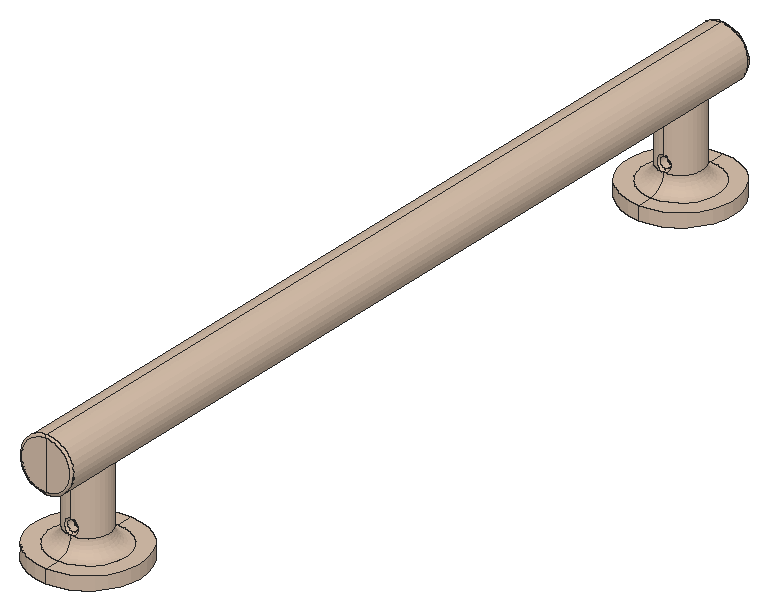
Revit family "Accessory-Shower_Door_Handle-KOHLER-Purist-K-705767", category Specialty Equipment, host Face, Revit 2017
Family settings
  Host = Face
  Round Connector Dimension = Use Diameter
  Part Type = Normal
  OmniClass Number = 23.31.25.00
  OmniClass Title = Toilet and Bath Specialties
  Cut with Voids When Loaded = No
  Shared = No
  Room Calculation Point = No
Parameters (values of type "ABV-Anodized Brushed Bronze")
  Width = 2"  # constant formula
  WaterSense Certified = 1 = 0  # no
  URL = "https://www.us.kohler.com/us/"
  Type = 1
  Product Page URL = "https://www.us.kohler.com/us/Purist-14-pivot-handle/productDetail/shower-door-handles/425723.htm?skuId=395876&brandId=empty&fs=true&=undefined"
  Product Name = "Purist\r\n"  # constant formula
  Product Documentation Link = "https://www.us.kohler.com/webassets/kpna/catalog/pdf/en/K-705767_spec_US-CA_Kohler_en.pdf"
  Model = if(Type = 1, "K-705767-ABV", if(Type = 2, "K-705767-NX", if(Type = 3, "K-705767-SHP", "NA")))  # "K-705767-ABV"
  Material = "Brass Construction"  # constant formula
  Master Format 2014 Name = "Toilet, Bath, and Laundry Accessories"  # constant formula
  Master Format 2014 = "10 28 00"  # constant formula
  Manufacturer Address = "KOHLER Co. 444 Highland Dr. Kohler, WI 53044"  # constant formula
  Manufacturer = "KOHLER Co."  # constant formula
  Length = 2 65/128"  # constant formula
  Height = 16"  # constant formula
  Finish = Kohler-Metal-ABV-Anodized_Brushed_Bronze
  Environmental Product Declaration = ""
  Description = "14 Inch pivote handle"  # constant formula
  Default Elevation = 42"
  Declare Label = ""
  Date Modified = "04/27/2021"  # constant formula
  Date Created = "04/27/2021"  # constant formula
  Copyright = "Copyright KOHLER Co."  # constant formula
  Contact Us = "https://www.us.kohler.com/us/static/contact.jsp"
  Assembly Code = "C1030200"
  ADA Compliant = 1 = 0  # no
Types (4): name | Type | Model | Finish
  (no name) | 1 | "K-705767-ABV" | Kohler-Metal-ABV-Anodized_Brushed_Bronze
  ABV-Anodized Brushed Bronze | 1 | "K-705767-ABV" | Kohler-Metal-ABV-Anodized_Brushed_Bronze
  NX-Brushed Nickel | 2 | "K-705767-NX" | Kohler-Metal-NX-Brushed_Nickel
  SHP-Bright Polished Silver | 3 | "K-705767-SHP" | Kohler-Metal-SHP-Bright_Polished_Silver
Reference planes (in)
  plane 1 "Center (Front/Back)": y = 0
  plane 2: z = 0
  plane 3 "Center (Left/Right)": x = 0
  plane 4: y = 8
  plane 5: x = 1
  plane 6: x = -1
  plane 7: y = 6
  plane 8: x = 0.50048
  plane 9: x = -0.50048
  plane 10: y = 7
  plane 11: y = -8
  plane 12: y = -6
  plane 13: y = -7
  plane 14: z = 2.50781
  plane 15: z = 1.49962
Dimensions and locks (in)
  "Length": plane 14 to level
  plane 10 to plane 13 = 14"  (x2)
  plane 12 to plane 11 = 2"
  "Width": plane 6 to plane 5
  "Height": plane 11 to plane 4
  level to plane 14 = 2 65/128"
  aligned and locked: plane 2 to host face
  aligned and locked: level to host face
Automatic sketch dimensions
  host sketch curve to host sketch curve = 96"  (x2)
Nested families (in)
  nested 1: "K-705767" at (0, 0, 0), type "K-705767"
Definition of nested family "K-705767"
  Parameters (values of type "K-705767")
    Material = none
  Reference planes (in)
    plane 1 "Center (Front/Back)": y = 0
    plane 2: z = 0
    plane 3 "Center (Left/Right)": x = 0
    plane 4: z = 2.5
    plane 5: y = -7
    plane 6: y = 7
    plane 7: y = -6
    plane 8: y = -8
    plane 9: y = 6
    plane 10: y = 8
    plane 11: z = 1.49962
    plane 12: x = 1
    plane 13: x = -1
  Forms (in)
    Revolve 1, solid, material <- "Material", detail levels medium+fine
      sketch origin (0, 0, 0) x (0, 1, 0) y (0, 0, 1)
        loop
          line (7.96063, 2.5) -> (-7.96063, 2.5)
          arc (-7.96063, 2.5) -> (-7.98847, 2.48847) -> (-8, 2.46063) r 0.03937
          line (-8, 2.46063) -> (-8, 2) -> (8, 2) -> (8, 2.46063)
          arc (8, 2.46063) -> (7.98847, 2.48847) -> (7.96063, 2.5) r 0.03937
        axis (8, 2) -> (-8, 2)
      angle from 0 to 360
    Revolve 2, solid, material <- "Material", detail levels medium+fine
      sketch origin (0, 0, 0) x (0, 1, 0) y (0, 0, 1)
        loop
          line (7.19685, 0) -> (8, 0) -> (8, 0.25) -> (7.70012, 0.25)
          arc (7.70012, 0.25) -> (7.4877, 0.33799) -> (7.39971, 0.55041) r 0.30041
          line (7.39971, 0.55041) -> (7.39971, 1.7837) -> (7, 1.7837) -> (7, 1.5436)
          arc (7, 1.5436) -> (7.0705, 1.53721) -> (7.13869, 1.51822) r 0.39161
          line (7.13869, 1.51822) -> (7.13869, 1.39) -> (7.19685, 1.39) -> (7.19685, 0)
        axis (7, 1.7837) -> (7, 0)
      angle from 0 to 360
    Revolve 3, solid, material <- "Material", detail levels medium+fine
      sketch origin (0, 0, 0) x (0, -1, 0) y (0, 0, 1)
        loop
          line (7.19685, 0) -> (8, 0) -> (8, 0.25) -> (7.70012, 0.25)
          arc (7.70012, 0.25) -> (7.4877, 0.33799) -> (7.39971, 0.55041) r 0.30041
          line (7.39971, 0.55041) -> (7.39971, 1.7837) -> (7, 1.7837) -> (7, 1.5436)
          arc (7, 1.5436) -> (7.0705, 1.53721) -> (7.13869, 1.51822) r 0.39161
          line (7.13869, 1.51822) -> (7.13869, 1.39) -> (7.19685, 1.39) -> (7.19685, 0)
        axis (7, 1.7837) -> (7, 0)
      angle from 0 to 360
    Revolve 4, void
      sketch origin (0, 0, 0) x (0, 1, 0) y (0, 0, 1)
        loop
          line (6.79236, 0.79629) -> (6.65388, 0.79629) -> (6.58117, 0.85108) -> (6.58117, 0.69) -> (6.79236, 0.69) -> (6.79236, 0.79629)
        axis (6.79236, 0.69) -> (6.58117, 0.69)
      angle from 0 to 360
    Revolve 5, void
      sketch origin (0, -14, 0) x (0, 1, 0) y (0, 0, 1)
        loop
          line (6.79236, 0.79629) -> (6.65388, 0.79629) -> (6.58117, 0.85108) -> (6.58117, 0.69) -> (6.79236, 0.69) -> (6.79236, 0.79629)
        axis (6.79236, 0.69) -> (6.58117, 0.69)
      angle from 0 to 360
    Revolve 6, solid, material <- "Material", detail levels coarse
      sketch origin (0, 0, 0) x (0, 1, 0) y (0, 0, 1)
        loop
          line (-8.06852, 1.99981) -> (8.09246, 1.99981) -> (8.09246, 2.50854) -> (-8.06852, 2.50854) -> (-8.06852, 1.99981)
        axis (8.09246, 1.99981) -> (-8.06852, 1.99981)
      angle from 0 to 360
    Revolve 7, solid, material <- "Material", detail levels coarse
      sketch origin (0, 0, 0) x (0, -1, 0) y (0, 0, 1)
        loop
          line (7, 0) -> (8, 0) -> (8, 0.36678) -> (7.41983, 0.36678) -> (7.41983, 1.86906) -> (7, 1.86906) -> (7, 0)
        axis (7, 1.86906) -> (7, 0)
      angle from 0 to 360
    Revolve 8, solid, material <- "Material", detail levels coarse
      sketch origin (0, 0, 0) x (0, 1, 0) y (0, 0, 1)
        loop
          line (7, 0) -> (8, 0) -> (8, 0.36678) -> (7.41983, 0.36678) -> (7.41983, 1.86906) -> (7, 1.86906) -> (7, 0)
        axis (7, 1.86906) -> (7, 0)
      angle from 0 to 360
  Cuts and joins
    Revolve 4 cuts Revolve 2
    Revolve 5 cuts Revolve 3
    joined: Revolve 6, Revolve 7, Revolve 8
  Lines and regions (in)
    Masking region 1
      outline origin (0, 0, 0) x (1, 0, 0) y (0, 1, 0)
        loop
          arc (0.50048, 6.13425) -> (1, 7) -> (0.50048, 7.86575) r 1
          line (0.50048, 7.86575) -> (0.50048, 7.96052)
          arc (0.50048, 7.96052) -> (0.48892, 7.98844) -> (0.46101, 8) r 0.03948
          line (0.46101, 8) -> (-0.46101, 8)
          arc (-0.46101, 8) -> (-0.48892, 7.98844) -> (-0.50048, 7.96052) r 0.03948
          line (-0.50048, 7.96052) -> (-0.50048, 7.86575)
          arc (-0.50048, 7.86575) -> (-1, 7) -> (-0.50048, 6.13425) r 1
          line (-0.50048, 6.13425) -> (-0.50048, -6.13425)
          arc (-0.50048, -6.13425) -> (-1, -7) -> (-0.50048, -7.86575) r 1
          line (-0.50048, -7.86575) -> (-0.50048, -7.96052)
          arc (-0.50048, -7.96052) -> (-0.48892, -7.98844) -> (-0.46101, -8) r 0.03948
          line (-0.46101, -8) -> (0.46101, -8)
          arc (0.46101, -8) -> (0.48892, -7.98844) -> (0.50048, -7.96052) r 0.03948
          line (0.50048, -7.96052) -> (0.50048, -7.86575)
          arc (0.50048, -7.86575) -> (1, -7) -> (0.50048, -6.13425) r 1
          line (0.50048, -6.13425) -> (0.50048, 6.13425)
    Masking region 2
      outline origin (0, 0, 0) x (0, 1, 0) y (0, 0, 1)
        loop
          line (8, 2.5) -> (-8, 2.5) -> (-8, 1.49962) -> (-7.40124, 1.49962) -> (-7.40124, 0.84165)
          arc (-7.40124, 0.84165) -> (-7.37813, 0.6895) -> (-7.40152, 0.53738) r 0.50933
          arc (-7.40152, 0.53738) -> (-7.49385, 0.33343) -> (-7.7016, 0.25) r 0.30036
          line (-7.7016, 0.25) -> (-8, 0.25) -> (-8, 0) -> (-6, 0) -> (-6, 0.25) -> (-6.29576, 0.25)
          arc (-6.29576, 0.25) -> (-6.51001, 0.33875) -> (-6.59876, 0.55301) r 0.30301
          line (-6.59876, 0.55301) -> (-6.59876, 1.49962) -> (6.59876, 1.49962) -> (6.59876, 0.84165)
          arc (6.59876, 0.84165) -> (6.62187, 0.68925) -> (6.59833, 0.53691) r 0.50933
          arc (6.59833, 0.53691) -> (6.50425, 0.33313) -> (6.29576, 0.25) r 0.30301
          line (6.29576, 0.25) -> (6, 0.25) -> (6, 0) -> (8, 0) -> (8, 0.25) -> (7.7016, 0.25)
          arc (7.7016, 0.25) -> (7.48921, 0.33797) -> (7.40124, 0.55036) r 0.30036
          line (7.40124, 0.55036) -> (7.40124, 1.49962) -> (8, 1.49962) -> (8, 2.5)
    Masking region 3
      outline origin (0, 0, 0) x (1, 0, 0) y (0, 0, 1)
        loop
          line (1, 0.25) -> (0.70678, 0.25)
          arc (0.70678, 0.25) -> (0.49009, 0.33976) -> (0.40033, 0.55645) r 0.30645
          line (0.40033, 0.55645) -> (0.40033, 1.69257)
          arc (0.40033, 1.69257) -> (0, 2.49962) -> (-0.40033, 1.69257) r 0.50282
          line (-0.40033, 1.69257) -> (-0.40033, 0.55645)
          arc (-0.40033, 0.55645) -> (-0.49009, 0.33976) -> (-0.70678, 0.25) r 0.30645
          line (-0.70678, 0.25) -> (-1, 0.25) -> (-1, 0) -> (1, 0) -> (1, 0.25)
    symbolic lines, detail levels medium+fine
      curve 1: arc (0, 7.40124, 1.49962) -> (0, 7, 1.72748) -> (0, 6.59876, 1.49962) r 0.4672
      curve 2: line (0, -6.29576, 0.25) -> (0, -7.7016, 0.25)
      curve 3: line (0, 7.7016, 0.25) -> (0, 6.29576, 0.25)
      curve 4: line (-0.50048, 6.13425, 0) -> (-0.50048, 7.86575, 0)
      curve 5: line (0.50048, 6.13425, 0) -> (0.50048, 7.86575, 0)
      curve 6: line (-0.50048, -7.86575, 0) -> (-0.50048, -6.13425, 0)
      curve 7: line (0.50048, -7.86575, 0) -> (0.50048, -6.13425, 0)
      curve 8: arc (-0.50048, -6.58005, 0) -> (-0.65333, -7, 0) -> (-0.50048, -7.41995, 0) r 0.65333
      curve 9: arc (0.50048, -6.58005, 0) -> (0.65333, -7, 0) -> (0.50048, -7.41995, 0) r 0.65333
      curve 10: arc (-0.50048, 6.58005, 0) -> (-0.65333, 7, 0) -> (-0.50048, 7.41995, 0) r 0.65333
      curve 11: arc (0.50048, 6.58005, 0) -> (0.65333, 7, 0) -> (0.50048, 7.41995, 0) r 0.65333
      curve 12: arc (-0.40033, 0, 1.69257) -> (0, 0, 1.49399) -> (0.40033, 0, 1.69257) r 0.50282
      curve 13: line (0.70678, 0, 0.25) -> (-0.70678, 0, 0.25)
      curve 14: arc (0, -7.40124, 1.49962) -> (0, -7, 1.72748) -> (0, -6.59876, 1.49962) r 0.4672
  Dimensions and locks (in)
    plane 4 to level = 2 1/2"  (x2)
    plane 6 to plane 5 = 14"  (x2)
    plane 10 to plane 8 = 16"
    plane 4 to plane 11 = 1.00038"
    plane 13 to plane 12 = 2"
    aligned and locked: plane 2 to level
